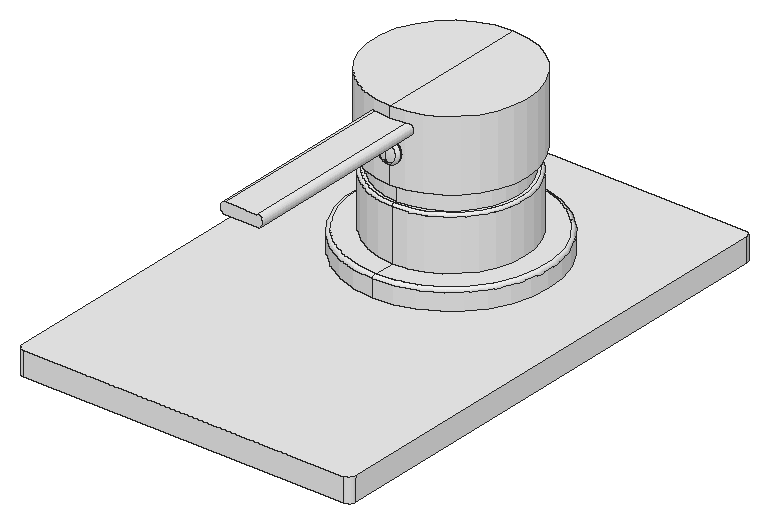
Revit family "Mixer-Bath Shower-Caroma Liano", category Plumbing Fixtures, host Face, Revit 2014
Parameters (values of type "Standard")
  Width_ANZRS = 48 mm  # constant formula
  Waste Connection = no
  Vent Connection = no
  URL = "http://specify.caroma.com.au/products/mixer-taps/liano/liano-bath-shower-mixer"
  Type Comments = "Caroma Liano Bath/Shower Mixer"  # constant formula
  ModifiedIssue_ANZRS = 20141212.01  # constant formula
  Model = "96145C"  # constant formula
  Material_ANZRS = Metal-Chrome-Caroma
  Manufacturer = "GWA Bathrooms & Kitchens"  # constant formula
  Length_ANZRS = 100 mm  # constant formula
  Height_ANZRS = 130 mm  # constant formula
  HWFU = 3  # constant formula
  HW Connection = yes
  Description = "Ceramic disc cartridge eliminates drips and minimises maintenance"  # constant formula
  Default Elevation = 1000 mm
  CreatedBy_ANZRS = "Design Content"  # constant formula
  CreatedByURL_ANZRS = "http://www.designcontent.com.au"
  Cost = 0
  Connector Radius = 10 mm
  CWFU = 3  # constant formula
  CW Connection = yes
  Assembly Code = "C1030210"
Reference planes
  plane 1 "Center (Front/Back)": y = 0
  plane 2: z = 0
  plane 3 "Center (Left/Right)": x = 0
  plane 4 "Top": y = 50
  plane 5 "Bottom": y = -100
  plane 6 "Left": x = -50
  plane 7 "Right": x = 50
Forms (mm)
  Extrusion 1, solid, material "Metal-Chrome-Caroma" <- "Material_ANZRS"
    sketch origin (17.071, -2.929, 0) x (1, 0, 0) y (0, 1, 0)
      loop
        circle (-7.071, -7.071) r 10
    from -20 to 0
  Extrusion 2, solid, material "Metal-Chrome-Caroma" <- "Material_ANZRS"
    sketch origin (-17.071, -17.071, 0) x (-1, 0, 0) y (0, -1, 0)
      loop
        circle (-7.071, -7.071) r 10
    from -20 to 0
  Extrusion 3, solid, material "Metal-Chrome-Caroma" <- "Material_ANZRS"
    sketch origin (2.929, 2.929, 0) x (-1, 0, 0) y (0, -1, 0)
      loop
        circle (-7.071, -7.071) r 10
    from -20 to 0
  Revolve 4, solid, material "Metal-Chrome-Caroma" <- "Material_ANZRS"
    sketch origin (0, 0, 0) x (0, 1, 0) y (0, 0, 1)
      loop
        line (0, 7) -> (29.318, 7) -> (29.318, 12)
        arc (29.318, 12) -> (29.026, 12.707) -> (28.318, 13) r 1
        line (28.318, 13) -> (21.991, 13) -> (21.991, 28.066)
        arc (21.991, 28.066) -> (21.762, 28.618) -> (21.21, 28.847) r 0.781
        line (21.21, 28.847) -> (20.208, 28.847) -> (20.208, 38.096) -> (0, 38.096) -> (0, 7)
      axis (0, 38.096) -> (0, 7)
    angle from 0 to 360
  Revolve 5, solid, material "Metal-Chrome-Caroma" <- "Material_ANZRS"
    sketch origin (0, 0, -99.836) x (0, 1, 0) y (0, 0, 1)
      loop
        line (0, 134.483) -> (0, 155.483) -> (-22.999, 155.483) -> (-22.999, 134.483) -> (0, 134.483)
      axis (0, 134.483) -> (0, 155.483)
    angle from 0 to 360
  Extrusion 6, void
    sketch origin (0, 0, -99.836) x (0, 1, 0) y (0, 0, 1)
      loop
        line (-16.233, 133.063) -> (26.677, 133.063) -> (26.677, 136.817) -> (-16.233, 133.063)
    from -50 to 50
  Extrusion 7, solid, material "Metal-Chrome-Caroma" <- "Material_ANZRS"
    sketch origin (0, 0, 0) x (1, 0, 0) y (0, 1, 0)
      loop
        arc (-48, 50) -> (-49.414, 49.414) -> (-50, 48) r 2
        line (-50, 48) -> (-50, -98)
        arc (-50, -98) -> (-49.414, -99.414) -> (-48, -100) r 2
        line (-48, -100) -> (48, -100)
        arc (48, -100) -> (49.414, -99.414) -> (50, -98) r 2
        line (50, -98) -> (50, 48)
        arc (50, 48) -> (49.414, 49.414) -> (48, 50) r 2
        line (48, 50) -> (-48, 50)
    from 0 to 7
  Revolve 8, solid, material "Metal-Chrome-Caroma" <- "Material_ANZRS"
    sketch origin (0, 0, -99.836) x (0, 1, 0) y (0, 0, 1)
      loop
        line (-24.384, 143.483) -> (-20.401, 143.483) -> (-20.401, 146.829) -> (-23.055, 146.829)
        arc (-23.055, 146.829) -> (-23.673, 146.62) -> (-24.037, 146.079) r 1.017
        arc (-24.037, 146.079) -> (-24.297, 144.793) -> (-24.384, 143.483) r 9.89
      axis (-20.401, 143.483) -> (-24.384, 143.483)
    angle from 0 to 360
  Extrusion 9, solid, material "Metal-Chrome-Caroma" <- "Material_ANZRS"
    sketch origin (0, 0, 8.397) x (1, 0, 0) y (0, 0, 1)
      loop
        line (4.65, 44.15) -> (-4.65, 44.15)
        arc (-4.65, 44.15) -> (-6.35, 42.45) -> (-4.65, 40.75) r 1.7
        line (-4.65, 40.75) -> (4.65, 40.75)
        arc (4.65, 40.75) -> (6.35, 42.45) -> (4.65, 44.15) r 1.7
    from 0 to 78.38
Cuts and joins
  Extrusion 6 cuts Revolve 5
  joined: Revolve 4, Revolve 5, Revolve 8, Extrusion 9
Lines and regions (mm)
  Masking region 1
    outline origin (0, 0, 0) x (1, 0, 0) y (0, 1, 0)
      loop
        arc (-48, 50) -> (-49.414, 49.414) -> (-50, 48) r 2
        line (-50, 48) -> (-50, -98)
        arc (-50, -98) -> (-49.414, -99.414) -> (-48, -100) r 2
        line (-48, -100) -> (48, -100)
        arc (48, -100) -> (49.414, -99.414) -> (50, -98) r 2
        line (50, -98) -> (50, 48)
        arc (50, 48) -> (49.414, 49.414) -> (48, 50) r 2
        line (48, 50) -> (-48, 50)
  Masking region 2
    outline origin (0, 0, 0) x (0, 1, 0) y (0, 0, 1)
      loop
        line (29.318, 7) -> (29.318, 12)
        arc (29.318, 12) -> (29.026, 12.707) -> (28.318, 13) r 1
        line (28.318, 13) -> (21.991, 13) -> (21.991, 28.066)
        arc (21.991, 28.066) -> (21.762, 28.618) -> (21.21, 28.847) r 0.781
        line (21.21, 28.847) -> (20.208, 28.847) -> (20.208, 36.415) -> (22.999, 36.659) -> (22.999, 55.647) -> (0, 55.647) -> (-22.999, 55.647) -> (-22.999, 52.547) -> (-78.38, 52.547) -> (-78.38, 49.153) -> (-22.999, 49.153) -> (-22.999, 34.647) -> (-20.208, 34.647) -> (-20.208, 28.847) -> (-21.21, 28.847)
        arc (-21.21, 28.847) -> (-21.762, 28.618) -> (-21.991, 28.066) r 0.781
        line (-21.991, 28.066) -> (-21.991, 13) -> (-28.318, 13)
        arc (-28.318, 13) -> (-29.026, 12.707) -> (-29.318, 12) r 1
        line (-29.318, 12) -> (-29.318, 7) -> (-100, 7) -> (-100, 0) -> (50, 0) -> (50, 7) -> (29.318, 7)
  Masking region 3
    outline origin (-16.403, 0, 19.273) x (1, 0, 0) y (0, 0, 1)
      loop
        line (-3.805, 15.374) -> (-3.805, 9.574) -> (-4.807, 9.574)
        arc (-4.807, 9.574) -> (-5.36, 9.346) -> (-5.588, 8.793) r 0.781
        line (-5.588, 8.793) -> (-5.588, -6.273) -> (-11.916, -6.273)
        arc (-11.916, -6.273) -> (-12.623, -6.566) -> (-12.916, -7.273) r 1
        line (-12.916, -7.273) -> (-12.916, -12.273) -> (-33.597, -12.273) -> (-33.597, -19.273) -> (66.403, -19.273) -> (66.403, -12.273) -> (45.721, -12.273) -> (45.721, -7.273)
        arc (45.721, -7.273) -> (45.428, -6.566) -> (44.721, -6.273) r 1
        line (44.721, -6.273) -> (38.394, -6.273) -> (38.394, 8.793)
        arc (38.394, 8.793) -> (38.165, 9.346) -> (37.613, 9.574) r 0.781
        line (37.613, 9.574) -> (36.611, 9.574) -> (36.611, 15.374) -> (39.401, 15.374) -> (39.401, 36.374) -> (16.403, 36.374) -> (-6.596, 36.374) -> (-6.596, 15.374) -> (-3.805, 15.374)
  symbolic lines, style "Taps/Mixers"
    curve 1: circle (0, 0, 0) r 22.999 normal (0, 0, 1)
    curve 2: arc (6.35, -28.623, 0) -> (0, 29.318, 0) -> (-6.35, -28.623, 0) r 29.318
    curve 3: line (-6.35, -78.38, 0) -> (6.35, -78.38, 0)
    curve 4: line (-6.35, -78.38, 0) -> (-6.35, -22.105, 0)
    curve 5: line (6.35, -78.38, 0) -> (6.35, -22.105, 0)
    curve 6: line (0, 50, 7) -> (0, -100, 7)
    curve 7: line (0, 28.318, 13) -> (0, -28.318, 13)
    curve 8: line (0, 21.21, 28.847) -> (0, -21.21, 28.847)
    curve 9: line (0, 22.999, 36.659) -> (0, 0, 34.647)
    curve 10: line (0, -22.999, 34.647) -> (0, 0, 34.647)
    curve 11: spline (0, -22.523, 49.153) -> (0, -22.433, 49.201) -> (0, -22.348, 49.364) -> (0, -22.275, 49.632) -> (0, -22.219, 49.986) -> (0, -22.183, 50.401) -> (0, -22.171, 50.847) -> (0, -22.183, 51.293) -> (0, -22.219, 51.708) -> (0, -22.275, 52.062) -> (0, -22.348, 52.33) -> (0, -22.433, 52.494) -> (0, -22.523, 52.541)
    curve 12: line (0, -78.38, 52.547) -> (0, -22.55, 52.547)
    curve 13: line (0, -22.523, 49.153) -> (0, -78.38, 49.153)
    curve 14: line (21.991, 0, 13) -> (-10.486, 0, 13)
    curve 15: line (20.208, 0, 28.847) -> (-10.486, 0, 28.847)
    curve 16: spline (22.994, 0, 34.647) -> (22.803, 0, 34.909) -> (22.221, 0, 35.167) -> (21.258, 0, 35.416) -> (19.931, 0, 35.652) -> (18.262, 0, 35.871) -> (16.279, 0, 36.068) -> (14.017, 0, 36.242) -> (11.515, 0, 36.388) -> (8.814, 0, 36.505) -> (5.962, 0, 36.59) -> (3.007, 0, 36.642) -> (0, 0, 36.66)
    curve 17: spline (20.204, 0, 34.647) -> (20.036, 0, 34.877) -> (19.525, 0, 35.104) -> (18.679, 0, 35.323) -> (17.513, 0, 35.53) -> (16.046, 0, 35.722) -> (14.304, 0, 35.896) -> (12.317, 0, 36.049) -> (10.118, 0, 36.177) -> (7.745, 0, 36.28) -> (5.239, 0, 36.354) -> (2.642, 0, 36.4) -> (0, 0, 36.415)
    curve 18: line (20.204, 0, 34.647) -> (22.994, 0, 34.647)
    curve 19: line (50, 0, 7) -> (-50, 0, 7)
    curve 20: line (-21.991, 0, 13) -> (-10.486, 0, 13)
    curve 21: line (-20.208, 0, 28.847) -> (-10.486, 0, 28.847)
    curve 22: spline (-22.994, 0, 34.647) -> (-22.803, 0, 34.909) -> (-22.221, 0, 35.167) -> (-21.258, 0, 35.416) -> (-19.931, 0, 35.652) -> (-18.262, 0, 35.871) -> (-16.279, 0, 36.068) -> (-14.017, 0, 36.242) -> (-11.515, 0, 36.388) -> (-8.814, 0, 36.505) -> (-5.962, 0, 36.59) -> (-3.007, 0, 36.642) -> (0, 0, 36.66)
    curve 23: spline (-20.204, 0, 34.647) -> (-20.036, 0, 34.877) -> (-19.525, 0, 35.104) -> (-18.679, 0, 35.323) -> (-17.513, 0, 35.53) -> (-16.046, 0, 35.722) -> (-14.304, 0, 35.896) -> (-12.317, 0, 36.049) -> (-10.118, 0, 36.177) -> (-7.745, 0, 36.28) -> (-5.239, 0, 36.354) -> (-2.642, 0, 36.4) -> (0, 0, 36.415)
Dimensions and locks
  aligned and locked: plane 2 to host face
  aligned and locked: level to host face
Connectors
  piping at (10, -10, -20), diameter 20, driven by "Connector Radius", driven by "CWFU"
    settings: on Extrusion 1, index 3, connector inside diameter 0.7874", connector length 0 mm, flow factor 0, pipe flow 0 GPM, pressure drop 0.00 psi, fitting loss kfactor 0, connector angle 0.00°, fixture units 3, engagement length 0 mm, angle of deflection 0.00°, flow configuration 3, flow direction 1, fitting loss method 101, system type 20, joint type 0, gender type 0, connector reference index -1, connector utility 0, adjustable connector no, is connector primary yes, connector description "Cold Inlet"
  piping at (-10, -10, -20), diameter 20, driven by "Connector Radius", driven by "HWFU"
    settings: on Extrusion 2, index 4, connector inside diameter 0.7874", connector length 0 mm, flow factor 0, pipe flow 0 GPM, pressure drop 0.00 psi, fitting loss kfactor 0, connector angle 0.00°, fixture units 3, engagement length 0 mm, angle of deflection 0.00°, flow configuration 3, flow direction 1, fitting loss method 101, system type 19, joint type 0, gender type 0, connector reference index -1, connector utility 0, adjustable connector no, is connector primary no, connector description "Hot Inlet"
  piping at (10, 10, -20), diameter 20, driven by "Connector Radius", driven by "HWFU"
    settings: on Extrusion 3, index 6, connector inside diameter 0.7874", connector length 0 mm, flow factor 0, pipe flow 0 GPM, pressure drop 0.00 psi, fitting loss kfactor 0, connector angle 0.00°, fixture units 3, engagement length 0 mm, angle of deflection 0.00°, flow configuration 3, flow direction 2, fitting loss method 101, system type 19, joint type 0, gender type 0, connector reference index -1, connector utility 0, adjustable connector no, is connector primary no, connector description "Bath Outlet"
